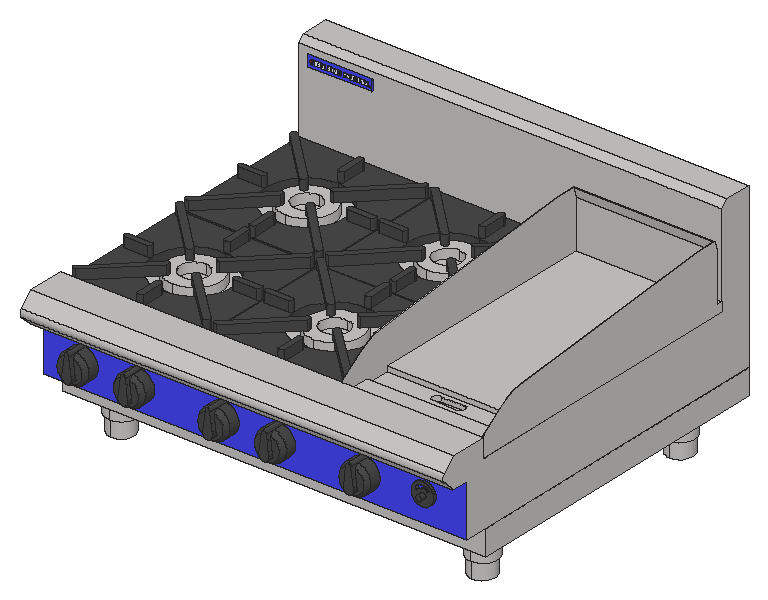
Revit family "QF_MOFFAT_BLUESEAL_CE_G516C-B", category Specialty Equipment, Revit 2012
Parameters
  Width = 900 mm  # constant formula
  Weight in Pounds = 283  # constant formula
  URL Cutsheet = "www.moffat.com"
  URL = "www.moffat.com"
  Type Mark [instance] = ""
  Status [instance] = ""
  Specification by User [instance] = ""
  Specification by Manufacturer = ""
  Show Logo [instance] = yes
  Serial Number = ""
  Seismic Rating = ""
  SMACNA No = ""
  Revision Code [instance] = ""
  Omniclass Number and Title = ""
  NAFEM Spec ID Number = ""
  Model = "G516C-B"
  Mechanical Remarks [instance] = ""
  Mechanical Connection Type [instance] = ""
  Masterspec = ""
  Manufacturer = "MOFFAT BLUESEAL"
  Item Number [instance] = ""
  Installed By [instance] = ""
  Identify Quantity as Lot [instance] = yes
  Height = 485 mm  # constant formula
  Gas Size = 3/4"
  Gas RI Height [instance] = 0 mm
  Gas KW [instance] = 36.6
  Gas Input [instance] = 125111.0 Btu/h
  Gas Connection Height = 0 mm
  Furnished By [instance] = ""
  Foodservice Equipment Identifier [instance] = yes
  Description = "900MM GAS COOK TOP BENCH MOUNT"
  Depth = 812 mm  # constant formula
  CSI MasterFormat = ""
  CSI Master Format = ""
Reference planes
  plane 1 "BACK": y = 0
  plane 2: z = 0
  plane 3 "LEFT": x = 0
  plane 4 "RIGHT": x = 900
  plane 5 "FRONT": y = -812
  plane 6 "TOP": z = 370
  plane 7 "Center Y": x = 450
  plane 8 "Center X": y = -406
  plane 9: z = 485
  plane 10: z = 315
Forms (mm)
  Revolve 1, solid, material "QF_Finishes_Stainless Steel"
    sketch origin (65.5, -728, 0) x (0, 1, 0) y (0, 0, 1)
      loop
        line (71.25, 85) -> (71.25, 35) -> (75.5, 35) -> (75.5, 0) -> (103, 0) -> (103, 85) -> (71.25, 85)
      axis (103, 85) -> (103, 0)
    angle from 0 to 360
  Revolve 2, solid, material "QF_Finishes_Stainless Steel"
    sketch origin (65.5, -210, 0) x (0, 1, 0) y (0, 0, 1)
      loop
        line (78.25, 85) -> (78.25, 35) -> (82.5, 35) -> (82.5, 0) -> (110, 0) -> (110, 85) -> (78.25, 85)
      axis (110, 85) -> (110, 0)
    angle from 0 to 360
  Extrusion 3, solid, material "QF_Finishes_Stainless Steel"
    sketch origin (405, 3, -500) x (1, 0, 0) y (0, 1, 0)
      loop
        circle (365, -35) r 13.5
    from 555 to 585
  Revolve 4, solid, material "QF_Finishes_Black"
    sketch origin (89.999, 7, -0.127) x (0, 1, 0) y (0, 0, -1)
      loop
        line (-789, -229.5) -> (-766, -229.5) -> (-766, -202) -> (-756, -202) -> (-756, -197) -> (-800, -197) -> (-800, -223.651) -> (-789, -229.5)
      axis (-800, -197) -> (-756, -197)
    angle from 0 to 360
  Extrusion 5, solid, material "QF_Finishes_Black"
    sketch origin (228.269, 7, 0.031) x (-1, 0, 0) y (0, 0, -1)
      loop
        line (127.85, -186.163) -> (133.27, -229.082)
        arc (133.27, -229.082) -> (138.269, -233.969) -> (143.267, -229.082) r 5
        line (143.267, -229.082) -> (148.756, -184.996)
        arc (148.756, -184.996) -> (137.684, -174.498) -> (127.85, -186.163) r 10.487
    from 759 to 808
  Extrusion 6, solid, material "QF_Finishes_Stainless Steel"
    sketch origin (0, 0, 0) x (0, 1, 0) y (0, 0, 1)
      loop
        line (-784.97, 250) -> (-749, 250) -> (-749, 140) -> (0, 140) -> (0, 485) -> (-57.5, 485) -> (-70, 472.5) -> (-70, 275) -> (-705, 275) -> (-705, 315) -> (-783.97, 315) -> (-808.498, 290.472)
        arc (-808.498, 290.472) -> (-812.007, 282) -> (-808.498, 273.528) r 11.982
        line (-808.498, 273.528) -> (-784.97, 250)
      loop
        line (0, 85) -> (0, 139.206) -> (-699, 139.206) -> (-699, 85) -> (0, 85)
    from 0 to 900
  Revolve 7, solid, material "QF_Finishes_Black"
    sketch origin (390, 7, -0.127) x (0, 1, 0) y (0, 0, -1)
      loop
        line (-789, -229.5) -> (-766, -229.5) -> (-766, -202) -> (-756, -202) -> (-756, -197) -> (-800, -197) -> (-800, -223.651) -> (-789, -229.5)
      axis (-800, -197) -> (-756, -197)
    angle from 0 to 360
  Extrusion 8, solid, material "QF_Finishes_Black"
    sketch origin (0, -749, 266) x (0, 0, -1) y (1, 0, 0)
      loop
        circle (69, 810) r 23.9
      loop
        arc (61.641, 818.419) -> (62.501, 823.219) -> (57.701, 824.079) r 3.448
        arc (57.701, 824.079) -> (51.116, 809.341) -> (58.919, 795.209) r 18.095
        arc (58.919, 795.209) -> (63.641, 796.491) -> (62.326, 801.204) r 3.448
        arc (62.326, 801.204) -> (58.758, 809.683) -> (61.641, 818.419) r 13.109
    from 0 to 5
  Extrusion 9, solid, material "QF_Finishes_Black"
    sketch origin (0, -754, 266) x (0, 0, -1) y (1, 0, 0)
      loop
        circle (72.5, 810) r 5.75
    from 0 to 10
  Revolve 10, solid, material "QF_Finishes_Stainless Steel"
    sketch origin (834.5, -728, 0) x (0, 1, 0) y (0, 0, -1)
      loop
        line (71.25, -85) -> (103, -85) -> (103, 0) -> (75.5, 0) -> (75.5, -35) -> (71.25, -35) -> (71.25, -85)
      axis (103, -85) -> (103, 0)
    angle from 0 to 360
  Revolve 11, solid, material "QF_Finishes_Stainless Steel"
    sketch origin (834.5, -210, 0) x (0, 1, 0) y (0, 0, -1)
      loop
        line (78.25, -85) -> (110, -85) -> (110, 0) -> (82.5, 0) -> (82.5, -35) -> (78.25, -35) -> (78.25, -85)
      axis (110, -85) -> (110, 0)
    angle from 0 to 360
  Extrusion 12, solid, material "QF_Finishes_Black"
    sketch origin (528.269, 7, 0.031) x (-1, 0, 0) y (0, 0, -1)
      loop
        line (127.85, -186.163) -> (133.27, -229.082)
        arc (133.27, -229.082) -> (138.269, -233.969) -> (143.267, -229.082) r 5
        line (143.267, -229.082) -> (148.756, -184.996)
        arc (148.756, -184.996) -> (137.684, -174.498) -> (127.85, -186.163) r 10.487
    from 759 to 808
  Revolve 13, solid, material "QF_Finishes_Black"
    sketch origin (690, 7, 0) x (0, 1, 0) y (0, 0, -1)
      loop
        line (-789, -229.5) -> (-766, -229.5) -> (-766, -202) -> (-756, -202) -> (-756, -197) -> (-800, -197) -> (-800, -223.651) -> (-789, -229.5)
      axis (-800, -197) -> (-756, -197)
    angle from 0 to 360
  Extrusion 14, solid, material "QF_Finishes_Black"
    sketch origin (828.27, 7, 0.158) x (-1, 0, 0) y (0, 0, -1)
      loop
        line (127.85, -186.163) -> (133.27, -229.082)
        arc (133.27, -229.082) -> (138.269, -233.969) -> (143.267, -229.082) r 5
        line (143.267, -229.082) -> (148.756, -184.996)
        arc (148.756, -184.996) -> (137.684, -174.498) -> (127.85, -186.163) r 10.487
    from 759 to 808
  Revolve 15, solid, material "QF_Finishes_Black"
    sketch origin (210, 7, 0) x (0, 1, 0) y (0, 0, -1)
      loop
        line (-789, -229.5) -> (-766, -229.5) -> (-766, -202) -> (-756, -202) -> (-756, -197) -> (-800, -197) -> (-800, -223.651) -> (-789, -229.5)
      axis (-800, -197) -> (-756, -197)
    angle from 0 to 360
  Extrusion 16, solid, material "QF_Finishes_Black"
    sketch origin (348.27, 7, 0.158) x (-1, 0, 0) y (0, 0, -1)
      loop
        line (127.85, -186.163) -> (133.27, -229.082)
        arc (133.27, -229.082) -> (138.269, -233.969) -> (143.267, -229.082) r 5
        line (143.267, -229.082) -> (148.756, -184.996)
        arc (148.756, -184.996) -> (137.684, -174.498) -> (127.85, -186.163) r 10.487
    from 759 to 808
  Revolve 17, solid, material "QF_Finishes_Black"
    sketch origin (510.001, 7, 0) x (0, 1, 0) y (0, 0, -1)
      loop
        line (-789, -229.5) -> (-766, -229.5) -> (-766, -202) -> (-756, -202) -> (-756, -197) -> (-800, -197) -> (-800, -223.651) -> (-789, -229.5)
      axis (-800, -197) -> (-756, -197)
    angle from 0 to 360
  Extrusion 18, solid, material "QF_Finishes_Black"
    sketch origin (648.27, 7, 0.158) x (-1, 0, 0) y (0, 0, -1)
      loop
        line (127.85, -186.163) -> (133.27, -229.082)
        arc (133.27, -229.082) -> (138.269, -233.969) -> (143.267, -229.082) r 5
        line (143.267, -229.082) -> (148.756, -184.996)
        arc (148.756, -184.996) -> (137.684, -174.498) -> (127.85, -186.163) r 10.487
    from 759 to 808
Lines and regions (mm)
  Split face 1
    outline origin (0, 0, 485) x (0, -1, 0) y (1, 0, 0)
      loop
        arc (18.185, 32.794) -> (23.185, 24.134) -> (33.185, 24.134) r 10
        line (33.185, 24.134) -> (40.185, 28.176)
        arc (40.185, 28.176) -> (43.845, 31.836) -> (45.185, 36.836) r 10
        line (45.185, 36.836) -> (45.185, 264.794)
        arc (45.185, 264.794) -> (40.185, 273.455) -> (30.185, 273.455) r 10
        line (30.185, 273.455) -> (23.185, 269.413)
        arc (23.185, 269.413) -> (19.525, 265.753) -> (18.185, 260.753) r 10
        line (18.185, 260.753) -> (18.185, 32.794)
  Split face 2
    outline origin (0, 0, 485) x (0, -1, 0) y (1, 0, 0)
      loop
        arc (18.185, 332.794) -> (23.185, 324.134) -> (33.185, 324.134) r 10
        line (33.185, 324.134) -> (40.185, 328.176)
        arc (40.185, 328.176) -> (43.845, 331.836) -> (45.185, 336.836) r 10
        line (45.185, 336.836) -> (45.185, 564.794)
        arc (45.185, 564.794) -> (40.185, 573.455) -> (30.185, 573.455) r 10
        line (30.185, 573.455) -> (23.185, 569.413)
        arc (23.185, 569.413) -> (19.525, 565.753) -> (18.185, 560.753) r 10
        line (18.185, 560.753) -> (18.185, 332.794)
  Split face 3
    outline origin (0, 0, 485) x (0, -1, 0) y (1, 0, 0)
      loop
        arc (45.185, 864.794) -> (40.185, 873.455) -> (30.185, 873.455) r 10
        line (30.185, 873.455) -> (23.185, 869.413)
        arc (23.185, 869.413) -> (19.525, 865.753) -> (18.185, 860.753) r 10
        line (18.185, 860.753) -> (18.185, 632.794)
        arc (18.185, 632.794) -> (23.185, 624.134) -> (33.185, 624.134) r 10
        line (33.185, 624.134) -> (40.185, 628.176)
        arc (40.185, 628.176) -> (43.845, 631.836) -> (45.185, 636.836) r 10
        line (45.185, 636.836) -> (45.185, 864.794)
  symbolic lines
    curve 1: line (0, 0, 0) -> (0, -812, 0)
    curve 2: line (900, 0, 0) -> (0, 0, 0)
    curve 3: line (900, -812, 0) -> (900, 0, 0)
    curve 4: line (0, -70, 0) -> (900, -70, 0)
    curve 5: line (0, -812, 0) -> (900, -812, 0)
    curve 6: line (900, -705, 0) -> (0, -705, 0)
    curve 7: line (0, -783.97, 0) -> (900, -783.97, 0)
    curve 8: line (36.836, -45.185, 0) -> (264.794, -45.185, 0)
    curve 9: arc (264.794, -45.185, 0) -> (273.455, -40.185, 0) -> (273.455, -30.185, 0) r 10
    curve 10: line (273.455, -30.185, 0) -> (269.413, -23.185, 0)
    curve 11: arc (269.413, -23.185, 0) -> (265.753, -19.525, 0) -> (260.753, -18.185, 0) r 10
    curve 12: line (260.753, -18.185, 0) -> (32.794, -18.185, 0)
    curve 13: arc (32.794, -18.185, 0) -> (24.134, -23.185, 0) -> (24.134, -33.185, 0) r 10
    curve 14: line (24.134, -33.185, 0) -> (28.176, -40.185, 0)
    curve 15: arc (28.176, -40.185, 0) -> (31.836, -43.845, 0) -> (36.836, -45.185, 0) r 10
    curve 16: line (336.836, -45.185, 0) -> (564.794, -45.185, 0)
    curve 17: arc (564.794, -45.185, 0) -> (573.455, -40.185, 0) -> (573.455, -30.185, 0) r 10
    curve 18: line (573.455, -30.185, 0) -> (569.413, -23.185, 0)
    curve 19: arc (569.413, -23.185, 0) -> (565.753, -19.525, 0) -> (560.753, -18.185, 0) r 10
    curve 20: line (560.753, -18.185, 0) -> (332.794, -18.185, 0)
    curve 21: arc (332.794, -18.185, 0) -> (324.134, -23.185, 0) -> (324.134, -33.185, 0) r 10
    curve 22: line (324.134, -33.185, 0) -> (328.176, -40.185, 0)
    curve 23: arc (328.176, -40.185, 0) -> (331.836, -43.845, 0) -> (336.836, -45.185, 0) r 10
    curve 24: line (864.794, -45.185, 0) -> (636.836, -45.185, 0)
    curve 25: arc (636.836, -45.185, 0) -> (631.836, -43.845, 0) -> (628.176, -40.185, 0) r 10
    curve 26: line (628.176, -40.185, 0) -> (624.134, -33.185, 0)
    curve 27: arc (624.134, -33.185, 0) -> (624.134, -23.185, 0) -> (632.794, -18.185, 0) r 10
    curve 28: line (632.794, -18.185, 0) -> (860.753, -18.185, 0)
    curve 29: arc (860.753, -18.185, 0) -> (865.753, -19.525, 0) -> (869.413, -23.185, 0) r 10
    curve 30: line (869.413, -23.185, 0) -> (873.455, -30.185, 0)
    curve 31: arc (873.455, -30.185, 0) -> (873.455, -40.185, 0) -> (864.794, -45.185, 0) r 10
    curve 32: line (0, -57.5, 0) -> (900, -57.5, 0)
Dimensions and locks
  equal spacing: plane 3 "LEFT", plane 7 "Center Y", plane 4 "RIGHT"
  "Width": plane 3 "LEFT" to plane 4 "RIGHT"
  equal spacing: plane 5 "FRONT", plane 8 "Center X", plane 1 "BACK"
  "Depth": plane 5 "FRONT" to plane 1 "BACK"
  equal spacing: plane 4 "RIGHT", plane 7 "Center Y", plane 3 "LEFT"
  plane 4 "RIGHT" to plane 3 "LEFT" = 900 mm
  Extrusion 3 to level = 55 mm
  Extrusion 3 to plane 1 "BACK" = 32 mm
  plane 5 "FRONT" to plane 1 "BACK" = 812 mm
  "Height": plane 9 to level
  plane 10 to level = 315 mm
  Extrusion 3 sketch curve to plane 4 "RIGHT" = 130 mm
  Extrusion 3 sketch curve to plane 1 "BACK" = 32 mm
  aligned and locked: level to plane 2
  aligned and locked: curve 3 to plane 4 "RIGHT"
Automatic sketch dimensions
  plane 1 "BACK" to curve 1 = 0 mm
  curve 1 to plane 3 "LEFT" = 0 mm
  plane 5 "FRONT" to curve 1 = 0 mm
  plane 3 "LEFT" to curve 14 = 24.134 mm
  curve 13 to curve 14 = 4.041 mm
  curve 13 to curve 13 = 8.66 mm
  curve 15 to curve 8 = 8.66 mm
  plane 1 "BACK" to curve 12 = 18.185 mm
  curve 12 to plane 7 "Center Y" = 189.247 mm
  curve 11 to curve 9 = 4.041 mm
  plane 1 "BACK" to curve 10 = 23.185 mm
  curve 11 to curve 10 = 8.66 mm
  plane 1 "BACK" to curve 10 = 30.185 mm
  curve 10 to curve 10 = 4.041 mm
  plane 1 "BACK" to curve 22 = 33.185 mm
  curve 10 to curve 22 = 50.679 mm
  curve 21 to curve 23 = 4.041 mm  (x2)
  curve 21 to curve 21 = 8.66 mm
  plane 1 "BACK" to curve 20 = 18.185 mm
  plane 7 "Center Y" to curve 20 = 110.753 mm
  curve 19 to curve 17 = 4.041 mm  (x2)
  curve 19 to curve 19 = 8.66 mm
  plane 1 "BACK" to curve 26 = 33.185 mm
  curve 18 to curve 26 = 50.679 mm
  plane 1 "BACK" to curve 26 = 40.185 mm
  curve 27 to curve 26 = 4.041 mm
  curve 27 to curve 27 = 8.66 mm
  curve 27 to curve 25 = 4.041 mm
  plane 4 "RIGHT" to curve 29 = 39.247 mm
  curve 29 to curve 31 = 4.041 mm
  curve 28 to curve 30 = 8.66 mm
  curve 29 to curve 30 = 4.041 mm
  curve 7 to plane 5 "FRONT" = 28.03 mm
  curve 7 to curve 6 = 78.97 mm
  plane 1 "BACK" to curve 4 = 70 mm
  curve 4 to curve 32 = 12.5 mm
  curve 32 to curve 31 = 12.315 mm
  curve 8 to curve 12 = 27 mm
  curve 16 to curve 21 = 17 mm
  curve 22 to curve 21 = 7 mm
  curve 8 to curve 15 = 5 mm
  curve 16 to curve 17 = 10 mm
  curve 24 to curve 31 = 10 mm
  curve 14 to curve 13 = 7 mm
  curve 25 to curve 27 = 7 mm
  curve 31 to curve 29 = 7 mm
  curve 17 to curve 19 = 7 mm
  Revolve 1 sketch curve to level = 0 mm
  level to Revolve 1 sketch curve = 35 mm
  Revolve 1 sketch curve to plane 5 "FRONT" = 155.25 mm
  Revolve 1 sketch curve to Revolve 1 sketch curve = 4.25 mm
  Revolve 1 sketch curve to Revolve 1 sketch curve = 27.5 mm  (x2)
  Revolve 1 sketch curve to Revolve 1 sketch curve = 55 mm
  Revolve 1 sketch curve to Revolve 1 sketch curve = 15 mm
  Revolve 1 sketch curve to Revolve 1 sketch curve = 35 mm
  Revolve 2 sketch curve to level = 0 mm
  level to Revolve 2 sketch curve = 35 mm
  plane 1 "BACK" to Revolve 2 sketch curve = 131.75 mm
  Revolve 2 sketch curve to Revolve 2 sketch curve = 4.25 mm
  Revolve 2 sketch curve to Revolve 2 sketch curve = 27.5 mm  (x2)
  Revolve 2 sketch curve to Revolve 2 sketch curve = 55 mm
  Revolve 2 sketch curve to Revolve 2 sketch curve = 15 mm
  Revolve 2 sketch curve to Revolve 2 sketch curve = 35 mm
  Revolve 4 sketch curve to plane 5 "FRONT" = 19 mm
  Revolve 4 sketch curve to Revolve 4 sketch curve = 0 mm  (x2)
  Revolve 4 sketch curve to Revolve 4 sketch curve = 11 mm
  Revolve 4 sketch curve to Revolve 4 sketch curve = 12.7 mm
  Revolve 4 sketch curve to Revolve 4 sketch curve = 23 mm
  Revolve 4 sketch curve to Revolve 4 sketch curve = 10 mm
  Revolve 4 sketch curve to plane 10 = 85.627 mm
  Revolve 4 sketch curve to Revolve 4 sketch curve = 5.849 mm
  Revolve 4 sketch curve to Revolve 4 sketch curve = 27.5 mm
  Revolve 4 sketch curve to Revolve 4 sketch curve = 5 mm
  plane 3 "LEFT" to Extrusion 5 sketch curve = 100.419 mm
  Extrusion 5 sketch curve to Extrusion 5 sketch curve = 5.421 mm
  Extrusion 5 sketch curve to Extrusion 5 sketch curve = 10.419 mm
  Extrusion 5 sketch curve to Extrusion 5 sketch curve = 4.999 mm  (x2)
  Extrusion 5 sketch curve to Extrusion 5 sketch curve = 10.487 mm
  Extrusion 5 sketch curve to plane 10 = 85.887 mm
  Extrusion 5 sketch curve to Extrusion 5 sketch curve = 0.113 mm
  Extrusion 5 sketch curve to Extrusion 5 sketch curve = 42.919 mm
  Extrusion 5 sketch curve to Extrusion 5 sketch curve = 1.167 mm
  Extrusion 6 sketch curve to plane 10 = 0 mm
  plane 9 to Extrusion 6 sketch curve = 0 mm
  Extrusion 6 sketch curve to plane 1 "BACK" = 0 mm  (x2)
  plane 1 "BACK" to Extrusion 6 sketch curve = 57.5 mm
  plane 9 to Extrusion 6 sketch curve = 12.5 mm
  Extrusion 6 sketch curve to Extrusion 6 sketch curve = 12.5 mm
  Extrusion 6 sketch curve to plane 5 "FRONT" = 113 mm
  Extrusion 6 sketch curve to plane 5 "FRONT" = 107 mm
  Extrusion 6 sketch curve to Extrusion 6 sketch curve = 50 mm
  Extrusion 6 sketch curve to plane 5 "FRONT" = 28.03 mm
  Extrusion 6 sketch curve to plane 5 "FRONT" = 27.03 mm
  Extrusion 6 sketch curve to plane 5 "FRONT" = 11.975 mm
  Extrusion 6 sketch curve to plane 5 "FRONT" = 3.502 mm  (x2)
  Extrusion 6 sketch curve to plane 10 = 24.528 mm
  Extrusion 6 sketch curve to Extrusion 6 sketch curve = 8.472 mm
  Extrusion 6 sketch curve to Extrusion 6 sketch curve = 40 mm
  Extrusion 6 sketch curve to Extrusion 6 sketch curve = 23.528 mm
  Extrusion 6 sketch curve to Extrusion 6 sketch curve = 110 mm
  Extrusion 6 sketch curve to Extrusion 6 sketch curve = 0.794 mm
  Extrusion 6 sketch curve to Extrusion 6 sketch curve = 54.206 mm
  Revolve 7 sketch curve to plane 5 "FRONT" = 19 mm
  Revolve 7 sketch curve to Revolve 7 sketch curve = 0 mm  (x2)
  Revolve 7 sketch curve to Revolve 7 sketch curve = 11 mm
  Revolve 7 sketch curve to Revolve 7 sketch curve = 12.7 mm
  Revolve 7 sketch curve to Revolve 7 sketch curve = 23 mm
  Revolve 7 sketch curve to Revolve 7 sketch curve = 10 mm
  Revolve 7 sketch curve to plane 10 = 85.627 mm
  Revolve 7 sketch curve to Revolve 7 sketch curve = 5.849 mm
  Revolve 7 sketch curve to Revolve 7 sketch curve = 27.5 mm
  Revolve 7 sketch curve to Revolve 7 sketch curve = 5 mm
  Extrusion 6 to Extrusion 8 sketch curve = 41.701 mm
  Extrusion 8 sketch curve to Extrusion 8 sketch curve = 1.218 mm
  Extrusion 8 sketch curve to Extrusion 8 sketch curve = 1.97 mm  (x2)
  Extrusion 8 sketch curve to Extrusion 8 sketch curve = 1.724 mm
  Extrusion 8 sketch curve to Extrusion 8 sketch curve = 1.683 mm
  Extrusion 8 sketch curve to Extrusion 8 sketch curve = 6.674 mm
  Extrusion 8 sketch curve to Extrusion 8 sketch curve = 0.195 mm
  Extrusion 8 sketch curve to Extrusion 8 sketch curve = 2.662 mm
  Extrusion 6 to Extrusion 8 sketch curve = 104.791 mm
  Extrusion 8 sketch curve to Extrusion 8 sketch curve = 2.986 mm
  Extrusion 8 sketch curve to Extrusion 8 sketch curve = 8.796 mm
  Extrusion 8 sketch curve to Extrusion 8 sketch curve = 0.103 mm
  Extrusion 8 sketch curve to Extrusion 8 sketch curve = 0.102 mm
  Revolve 10 sketch curve to level = 0 mm
  level to Revolve 10 sketch curve = 35 mm
  Revolve 10 sketch curve to plane 5 "FRONT" = 155.25 mm
  Revolve 10 sketch curve to Revolve 10 sketch curve = 4.25 mm
  Revolve 10 sketch curve to Revolve 10 sketch curve = 27.5 mm  (x2)
  Revolve 10 sketch curve to Revolve 10 sketch curve = 15 mm
  Revolve 10 sketch curve to Revolve 10 sketch curve = 35 mm
  Revolve 10 sketch curve to level = 55 mm
  Revolve 11 sketch curve to level = 0 mm
  level to Revolve 11 sketch curve = 35 mm
  plane 1 "BACK" to Revolve 11 sketch curve = 131.75 mm
  Revolve 11 sketch curve to Revolve 11 sketch curve = 4.25 mm
  Revolve 11 sketch curve to Revolve 11 sketch curve = 27.5 mm  (x2)
  Revolve 11 sketch curve to Revolve 11 sketch curve = 15 mm
  Revolve 11 sketch curve to Revolve 11 sketch curve = 35 mm
  Revolve 11 sketch curve to level = 55 mm
  Extrusion 12 sketch curve to plane 7 "Center Y" = 49.58 mm
  Extrusion 12 sketch curve to Extrusion 12 sketch curve = 5.421 mm
  Extrusion 12 sketch curve to Extrusion 12 sketch curve = 10.419 mm
  Extrusion 12 sketch curve to Extrusion 12 sketch curve = 4.999 mm  (x2)
  Extrusion 12 sketch curve to Extrusion 12 sketch curve = 10.487 mm
  Extrusion 12 sketch curve to plane 10 = 85.887 mm
  Extrusion 12 sketch curve to Extrusion 12 sketch curve = 0.113 mm
  Extrusion 12 sketch curve to Extrusion 12 sketch curve = 42.919 mm
  Extrusion 12 sketch curve to Extrusion 12 sketch curve = 1.167 mm
  Revolve 13 sketch curve to plane 5 "FRONT" = 19 mm
  Revolve 13 sketch curve to Revolve 13 sketch curve = 0 mm  (x2)
  Revolve 13 sketch curve to Revolve 13 sketch curve = 11 mm
  Revolve 13 sketch curve to Revolve 13 sketch curve = 12.7 mm
  Revolve 13 sketch curve to Revolve 13 sketch curve = 23 mm
  Revolve 13 sketch curve to Revolve 13 sketch curve = 10 mm
  Revolve 13 sketch curve to plane 10 = 85.5 mm
  Revolve 13 sketch curve to Revolve 13 sketch curve = 5.849 mm
  Revolve 13 sketch curve to Revolve 13 sketch curve = 27.5 mm
  Revolve 13 sketch curve to Revolve 13 sketch curve = 5 mm
  plane 4 "RIGHT" to Extrusion 14 sketch curve = 199.58 mm
  Extrusion 14 sketch curve to Extrusion 14 sketch curve = 5.421 mm
  Extrusion 14 sketch curve to Extrusion 14 sketch curve = 10.419 mm
  Extrusion 14 sketch curve to Extrusion 14 sketch curve = 4.999 mm  (x2)
  Extrusion 14 sketch curve to plane 10 = 85.76 mm
  Extrusion 14 sketch curve to Extrusion 14 sketch curve = 10.487 mm
  Extrusion 14 sketch curve to Extrusion 14 sketch curve = 0.113 mm
  Extrusion 14 sketch curve to Extrusion 14 sketch curve = 42.919 mm
  Extrusion 14 sketch curve to Extrusion 14 sketch curve = 1.167 mm
  Split face 1 sketch curve to Extrusion 6 = 18.185 mm
  Split face 1 sketch curve to Split face 1 sketch curve = 5 mm  (x3)
  Split face 1 sketch curve to Split face 1 sketch curve = 10 mm  (x2)
  Split face 1 sketch curve to Split face 1 sketch curve = 7 mm  (x4)
  Split face 1 sketch curve to Extrusion 6 = 24.134 mm
  Split face 1 sketch curve to Split face 1 sketch curve = 4.041 mm  (x2)
  Split face 1 sketch curve to Split face 1 sketch curve = 223.917 mm
  Split face 2 sketch curve to Extrusion 6 = 18.185 mm
  Split face 2 sketch curve to Split face 2 sketch curve = 5 mm  (x4)
  Split face 2 sketch curve to Split face 2 sketch curve = 10 mm
  Split face 2 sketch curve to Split face 2 sketch curve = 7 mm  (x4)
  Split face 2 sketch curve to Extrusion 6 = 324.134 mm
  Split face 2 sketch curve to Split face 2 sketch curve = 4.041 mm  (x2)
  Split face 2 sketch curve to Split face 2 sketch curve = 223.917 mm
  Split face 3 sketch curve to Extrusion 6 = 18.185 mm
  Split face 3 sketch curve to Split face 3 sketch curve = 5 mm  (x3)
  Split face 3 sketch curve to Split face 3 sketch curve = 10 mm  (x2)
  Split face 3 sketch curve to Split face 3 sketch curve = 7 mm  (x4)
  Split face 3 sketch curve to Extrusion 6 = 275.866 mm
  Split face 3 sketch curve to Split face 3 sketch curve = 4.041 mm  (x2)
  Split face 3 sketch curve to Extrusion 6 = 39.247 mm
  Revolve 15 sketch curve to plane 5 "FRONT" = 19 mm
  Revolve 15 sketch curve to Revolve 15 sketch curve = 0 mm  (x2)
  Revolve 15 sketch curve to Revolve 15 sketch curve = 11 mm
  Revolve 15 sketch curve to Revolve 15 sketch curve = 12.7 mm
  Revolve 15 sketch curve to Revolve 15 sketch curve = 23 mm
  Revolve 15 sketch curve to Revolve 15 sketch curve = 10 mm
  Revolve 15 sketch curve to plane 10 = 85.5 mm
  Revolve 15 sketch curve to Revolve 15 sketch curve = 5.849 mm
  Revolve 15 sketch curve to Revolve 15 sketch curve = 27.5 mm
  Revolve 15 sketch curve to Revolve 15 sketch curve = 5 mm
  plane 3 "LEFT" to Extrusion 16 sketch curve = 220.42 mm
  Extrusion 16 sketch curve to Extrusion 16 sketch curve = 5.421 mm
  Extrusion 16 sketch curve to Extrusion 16 sketch curve = 10.419 mm
  Extrusion 16 sketch curve to Extrusion 16 sketch curve = 4.999 mm  (x2)
  Extrusion 16 sketch curve to plane 10 = 85.76 mm
  Extrusion 16 sketch curve to Extrusion 16 sketch curve = 10.487 mm
  Extrusion 16 sketch curve to Extrusion 16 sketch curve = 0.113 mm
  Extrusion 16 sketch curve to Extrusion 16 sketch curve = 42.919 mm
  Extrusion 16 sketch curve to Extrusion 16 sketch curve = 1.167 mm
  Revolve 17 sketch curve to plane 5 "FRONT" = 19 mm
  Revolve 17 sketch curve to Revolve 17 sketch curve = 0 mm  (x2)
  Revolve 17 sketch curve to Revolve 17 sketch curve = 11 mm
  Revolve 17 sketch curve to Revolve 17 sketch curve = 12.7 mm
  Revolve 17 sketch curve to Revolve 17 sketch curve = 23 mm
  Revolve 17 sketch curve to Revolve 17 sketch curve = 10 mm
  Revolve 17 sketch curve to plane 10 = 85.5 mm
  Revolve 17 sketch curve to Revolve 17 sketch curve = 5.849 mm
  Revolve 17 sketch curve to Revolve 17 sketch curve = 27.5 mm
  Revolve 17 sketch curve to Revolve 17 sketch curve = 5 mm
  plane 7 "Center Y" to Extrusion 18 sketch curve = 70.421 mm
  Extrusion 18 sketch curve to Extrusion 18 sketch curve = 5.421 mm
  Extrusion 18 sketch curve to Extrusion 18 sketch curve = 10.419 mm
  Extrusion 18 sketch curve to Extrusion 18 sketch curve = 4.999 mm  (x2)
  Extrusion 18 sketch curve to Extrusion 18 sketch curve = 10.487 mm
  Extrusion 18 sketch curve to plane 10 = 85.76 mm
  Extrusion 18 sketch curve to Extrusion 18 sketch curve = 0.113 mm
  Extrusion 18 sketch curve to Extrusion 18 sketch curve = 42.919 mm
  Extrusion 18 sketch curve to Extrusion 18 sketch curve = 1.167 mm
  radius of Extrusion 3 sketch curve = 13.5 mm
  radius of Extrusion 8 sketch curve = 23.9 mm
  radius of Extrusion 9 sketch curve = 5.75 mm
Nested families
  nested 1: "WALDORF LOGO_FACE BASE" at (18.6, -70, 458.604) x (1, 0, 0) z (0, -1, 0), visible <- "Show Logo", type "WALDORF LOGO_FACE BASE", detail levels medium+fine
    with Show Logo yes
  nested 2: "GAS BURNER 600 & GRIDDLE 300" at (0, -70, 275.195), type "GAS BURNER 600 & GRIDDLE 300"
    with Width 900 mm, Type Mark "", Status "", Specification by User "", Revision Code "", Item Number "", Installed By "", Identify Quantity as Lot yes, Furnished By "", Foodservice Equipment Identifier yes, Depth 635 mm
Connectors
  piping at (770, -32, 55)
    settings: on Extrusion 3, index 1, connector radius 0.37402", flow factor 0, pipe flow 0 GPM, pressure drop 0.00 psi, fitting loss kfactor 0, connector angle 0.00°, fixture units 0, engagement length 0 mm, flow configuration 1, flow direction 1, fitting loss method 0, system type 7, joint type 0, gender type 0, connector reference index -1, connector utility 0, adjustable connector no, is connector primary yes, fitting loss table "", connector description "GAS CONNECTION"
Definition of nested family "WALDORF LOGO_FACE BASE"
  Parameters (values of type "WALDORF LOGO_FACE BASE")
    Show Logo [instance] = yes
    Default Elevation = 1219.2 mm
  Reference planes
    plane 1 "Center (Front/Back)": y = 0
    plane 2: z = 0
    plane 3 "Center (Left/Right)": x = 0
  Forms (mm)
    Extrusion 1, solid
      sketch origin (0, 0, 0) x (1, 0, 0) y (0, 1, 0)
        loop
          line (-1219.2, 1219.2) -> (-1219.2, -1219.2) -> (1219.2, -1219.2) -> (1219.2, 1219.2) -> (-1219.2, 1219.2)
      from 0 to -304.8
    Extrusion 2, solid, material "QF_Finishes_Blue", visible <- "Show Logo"
      sketch origin (0, -33.217, 0) x (1, 0, 0) y (0, 1, 0)
        loop
          arc (138, 31.942) -> (137.626, 32.844) -> (136.724, 33.217) r 1.276
          line (136.724, 33.217) -> (1.29, 33.217)
          arc (1.29, 33.217) -> (0.378, 32.839) -> (0, 31.927) r 1.29
          line (0, 31.927) -> (0, 11.507)
          arc (0, 11.507) -> (0.378, 10.595) -> (1.29, 10.217) r 1.29
          line (1.29, 10.217) -> (136.71, 10.217)
          arc (136.71, 10.217) -> (137.622, 10.595) -> (138, 11.507) r 1.29
          line (138, 11.507) -> (138, 31.942)
      from 0 to 1.588
    Extrusion 3, solid, material "QF_Finishes_White", visible <- "Show Logo"
      sketch origin (0, -33.217, 1.588) x (1, 0, 0) y (0, 1, 0)
        loop
          arc (108.946, 25.919) -> (107.613, 25.367) -> (107.061, 24.034) r 1.885
          line (107.061, 24.034) -> (107.061, 17.211) -> (112.704, 17.211) -> (112.704, 19.129) -> (115.546, 19.129) -> (115.546, 17.211) -> (121.584, 17.211) -> (121.584, 24.075)
          arc (121.584, 24.075) -> (121.043, 25.379) -> (119.739, 25.919) r 1.845
          line (119.739, 25.919) -> (108.946, 25.919)
        loop
          line (123.478, 25.919) -> (123.478, 17.163) -> (134.904, 17.163) -> (134.904, 19.129) -> (129.246, 19.129) -> (129.246, 25.919) -> (123.478, 25.919)
        loop
          line (112.704, 21.258) -> (115.546, 21.258) -> (115.546, 22.702)
          arc (115.546, 22.702) -> (115.344, 23.188) -> (114.858, 23.389) r 0.687
          line (114.858, 23.389) -> (113.363, 23.389)
          arc (113.363, 23.389) -> (112.897, 23.196) -> (112.704, 22.73) r 0.658
          line (112.704, 22.73) -> (112.704, 21.258)
        loop
          line (105.071, 25.919) -> (93.771, 25.919) -> (93.771, 17.163) -> (105.071, 17.163) -> (105.071, 19.063) -> (99.535, 19.063) -> (99.535, 20.437) -> (105.071, 20.437) -> (105.071, 22.278) -> (99.535, 22.278) -> (99.535, 23.587) -> (105.071, 23.587) -> (105.071, 25.919)
        loop
          line (91.104, 25.919) -> (79.541, 25.919)
          arc (79.541, 25.919) -> (78.558, 25.513) -> (78.152, 24.53) r 1.389
          line (78.152, 24.53) -> (78.152, 22.08)
          arc (78.152, 22.08) -> (78.558, 21.098) -> (79.541, 20.691) r 1.389
          line (79.541, 20.691) -> (86.346, 20.691) -> (86.346, 18.864) -> (83.266, 18.864) -> (83.266, 19.664) -> (78.152, 19.664) -> (78.152, 18.553)
          arc (78.152, 18.553) -> (78.558, 17.57) -> (79.541, 17.163) r 1.389
          line (79.541, 17.163) -> (91.063, 17.163)
          arc (91.063, 17.163) -> (92.045, 17.57) -> (92.452, 18.553) r 1.389
          line (92.452, 18.553) -> (92.452, 20.691)
          arc (92.452, 20.691) -> (92.045, 21.673) -> (91.063, 22.08) r 1.389
          line (91.063, 22.08) -> (83.266, 22.08) -> (83.266, 23.984) -> (86.346, 23.984) -> (86.346, 22.743) -> (92.452, 22.743) -> (92.452, 24.571)
          arc (92.452, 24.571) -> (92.057, 25.524) -> (91.104, 25.919) r 1.348
        loop
          line (70.705, 25.919) -> (59.405, 25.919) -> (59.405, 17.163) -> (70.705, 17.163) -> (70.705, 19.063) -> (65.169, 19.063) -> (65.169, 20.437) -> (70.705, 20.437) -> (70.705, 22.278) -> (65.169, 22.278) -> (65.169, 23.587) -> (70.705, 23.587) -> (70.705, 25.919)
        loop
          line (57.598, 25.919) -> (51.7, 25.919) -> (51.7, 20.18)
          arc (51.7, 20.18) -> (50.63, 19.11) -> (49.56, 20.18) r 1.07
          line (49.56, 20.18) -> (49.56, 25.919) -> (43.663, 25.919) -> (43.663, 19.049)
          arc (43.663, 19.049) -> (44.215, 17.716) -> (45.548, 17.163) r 1.885
          line (45.548, 17.163) -> (55.71, 17.163)
          arc (55.71, 17.163) -> (57.045, 17.716) -> (57.598, 19.051) r 1.887
          line (57.598, 19.051) -> (57.598, 25.919)
        loop
          line (31.62, 25.919) -> (31.62, 17.163) -> (43.046, 17.163) -> (43.046, 19.129) -> (37.388, 19.129) -> (37.388, 25.919) -> (31.62, 25.919)
        loop
          line (15.969, 25.919) -> (15.969, 17.163) -> (28.693, 17.163)
          arc (28.693, 17.163) -> (29.812, 17.627) -> (30.276, 18.746) r 1.582
          line (30.276, 18.746) -> (30.276, 20.447) -> (29.48, 21.243) -> (30.276, 22.039) -> (30.276, 24.332)
          arc (30.276, 24.332) -> (29.811, 25.454) -> (28.688, 25.919) r 1.587
          line (28.688, 25.919) -> (15.969, 25.919)
        loop
          line (21.449, 24.159) -> (21.449, 22.436) -> (23.862, 22.436)
          arc (23.862, 22.436) -> (24.723, 23.298) -> (23.862, 24.159) r 0.861
          line (23.862, 24.159) -> (21.449, 24.159)
        loop
          line (21.449, 20.244) -> (21.449, 18.522) -> (23.862, 18.522)
          arc (23.862, 18.522) -> (24.723, 19.383) -> (23.862, 20.244) r 0.861
          line (23.862, 20.244) -> (21.449, 20.244)
      from 0 to 0.2
    Extrusion 4, solid, material "QF_Finishes_Blue", visible <- "Show Logo"
      sketch origin (-126.498, -31.09, 1.588) x (1, 0, 0) y (0, 1, 0)
        loop
          line (136.738, 23.522) -> (136.738, 15.1)
          arc (136.738, 15.1) -> (140.756, 19.311) -> (136.738, 23.522) r 4.216
      from 0 to 0.2
    Extrusion 5, solid, material "QF_Finishes_Red", visible <- "Show Logo"
      sketch origin (146.849, -31.09, 1.588) x (-1, 0, 0) y (0, -1, 0)
        loop
          arc (136.738, -23.522) -> (140.756, -19.311) -> (136.738, -15.1) r 4.216
          line (136.738, -15.1) -> (136.738, -23.522)
      from 0 to 0.2
  Lines and regions (mm)
    Split face 1
      outline origin (-90.35, -30.793, 1.588) x (1, 0, 0) y (0, 1, 0)
        loop
          circle (100.54, 19.013) r 4.536
  Dimensions and locks
    aligned and locked: plane 2 to Extrusion 1
    aligned and locked: level to Extrusion 1
Definition of nested family "GAS BURNER 600 & GRIDDLE 300"
  Parameters (values of type "GAS BURNER 600 & GRIDDLE 300")
    Width [instance] = 900 mm
    Weight in Pounds = 0
    URL Cutsheet = ""
    Type Mark [instance] = ""
    Status [instance] = ""
    Specification by User [instance] = ""
    Specification by Manufacturer = ""
    Serial Number = ""
    Seismic Rating = ""
    SMACNA No = ""
    Revision Code [instance] = ""
    Omniclass Number and Title = ""
    NAFEM Spec ID Number = ""
    Masterspec = ""
    Item Number [instance] = ""
    Installed By [instance] = ""
    Identify Quantity as Lot [instance] = yes
    Furnished By [instance] = ""
    Foodservice Equipment Identifier [instance] = yes
    Depth [instance] = 635 mm
    CSI MasterFormat = ""
    CSI Master Format = ""
  Reference planes
    plane 1 "BACK": y = 0
    plane 2: z = 0
    plane 3 "LEFT": x = 0
    plane 4 "RIGHT": x = 900
    plane 5 "FRONT": y = -635
    plane 6 "TOP": z = 142.5
    plane 7 "Center Y": x = 450
    plane 8 "Center X": y = -317.5
  Dimensions and locks
    equal spacing: plane 3 "LEFT", plane 7 "Center Y", plane 4 "RIGHT"
    "Width": plane 3 "LEFT" to plane 4 "RIGHT"
    equal spacing: plane 5 "FRONT", plane 8 "Center X", plane 1 "BACK"
    "Depth": plane 5 "FRONT" to plane 1 "BACK"
    aligned and locked: level to plane 2
  Nested families
    nested 1: "GAS BURNER 600" at (0, 0, 0), type "GAS BURNER 600"
      with Width 600 mm, Type Mark "", Status "", Specification by User "", Revision Code "", Item Number "", Installed By "", Identify Quantity as Lot yes, Furnished By "", Foodservice Equipment Identifier yes, Depth 635 mm
    nested 2: "GAS GRIDDLE PLATE 300" at (600, -15, 0), type "GAS GRIDDLE PLATE 300"
      with Width 300 mm, Type Mark "", Status "", Specification by User "", Revision Code "", Item Number "", Installed By "", Identify Quantity as Lot yes, Furnished By "", Foodservice Equipment Identifier yes, Depth 620 mm
  Definition of nested family "GAS BURNER 600"
    Parameters (values of type "GAS BURNER 600")
      Width [instance] = 600 mm
      Weight in Pounds = 0
      URL Cutsheet = ""
      Type Mark [instance] = ""
      Status [instance] = ""
      Specification by User [instance] = ""
      Specification by Manufacturer = ""
      Serial Number = ""
      Seismic Rating = ""
      SMACNA No = ""
      Revision Code [instance] = ""
      Omniclass Number and Title = ""
      NAFEM Spec ID Number = ""
      Masterspec = ""
      Item Number [instance] = ""
      Installed By [instance] = ""
      Identify Quantity as Lot [instance] = yes
      Furnished By [instance] = ""
      Foodservice Equipment Identifier [instance] = yes
      Depth [instance] = 635 mm
      CSI MasterFormat = ""
      CSI Master Format = ""
    Reference planes
      plane 1 "BACK": y = 0
      plane 2: z = 0
      plane 3 "LEFT": x = 0
      plane 4 "RIGHT": x = 600
      plane 5 "FRONT": y = -635
      plane 6 "TOP": z = 142.5
      plane 7 "Center Y": x = 300
      plane 8 "Center X": y = -317.5
    Forms (mm)
      Extrusion 1, solid, material "QF_Finishes_Black"
        sketch origin (0, 0, 0) x (0, -1, 0) y (1, 0, 0)
          loop
            line (318.5, 4) -> (318.5, 296)
            arc (318.5, 296) -> (317.621, 298.121) -> (315.5, 299) r 3
            line (315.5, 299) -> (3, 299)
            arc (3, 299) -> (0.879, 298.121) -> (0, 296) r 3
            line (0, 296) -> (0, 4)
            arc (0, 4) -> (0.879, 1.879) -> (3, 1) r 3
            line (3, 1) -> (315.5, 1)
            arc (315.5, 1) -> (317.621, 1.879) -> (318.5, 4) r 3
          loop
            line (324.5, 1) -> (632, 1)
            arc (632, 1) -> (634.121, 1.879) -> (635, 4) r 3
            line (635, 4) -> (635, 296)
            arc (635, 296) -> (634.121, 298.121) -> (632, 299) r 3
            line (632, 299) -> (324.5, 299)
            arc (324.5, 299) -> (322.379, 298.121) -> (321.5, 296) r 3
            line (321.5, 296) -> (321.5, 4)
            arc (321.5, 4) -> (322.379, 1.879) -> (324.5, 1) r 3
          loop
            circle (168.5, 149.991) r 84.082
          loop
            circle (468.5, 149.991) r 84.082
        from 0 to 19.5
      Extrusion 2, solid, material "QF_Finishes_Black"
        sketch origin (0, 0, 19.5) x (0, -1, 0) y (1, 0, 0)
          loop
            spline (326.102, 15.153) -> (325.181, 13.924) -> (324.631, 12.47) -> (324.49, 10.89) -> (324.767, 9.292) -> (325.443, 7.786) -> (326.473, 6.473) -> (327.786, 5.443) -> (329.292, 4.767) -> (330.89, 4.49) -> (332.47, 4.631) -> (333.924, 5.181) -> (335.153, 6.102)
            line (335.153, 6.102) -> (443.076, 114.025)
            spline (443.076, 114.025) -> (443.837, 115.095) -> (444.238, 116.399) -> (444.251, 117.851) -> (443.875, 119.35) -> (443.137, 120.795) -> (442.086, 122.086) -> (440.795, 123.137) -> (439.35, 123.875) -> (437.851, 124.251) -> (436.399, 124.238) -> (435.095, 123.837) -> (434.025, 123.076)
            line (434.025, 123.076) -> (326.102, 15.153)
          loop
            spline (328.898, 156.4) -> (327.604, 156.182) -> (326.398, 155.543) -> (325.362, 154.525) -> (324.568, 153.2) -> (324.068, 151.656) -> (323.898, 150) -> (324.068, 148.344) -> (324.568, 146.8) -> (325.362, 145.475) -> (326.398, 144.457) -> (327.604, 143.818) -> (328.898, 143.6)
            line (328.898, 143.6) -> (378.102, 143.6)
            spline (378.102, 143.6) -> (379.396, 143.818) -> (380.602, 144.457) -> (381.638, 145.475) -> (382.432, 146.8) -> (382.932, 148.344) -> (383.102, 150) -> (382.932, 151.656) -> (382.432, 153.2) -> (381.638, 154.525) -> (380.602, 155.543) -> (379.396, 156.182) -> (378.102, 156.4)
            line (378.102, 156.4) -> (328.898, 156.4)
          loop
            spline (335.153, 293.898) -> (334.084, 294.659) -> (332.779, 295.059) -> (331.328, 295.072) -> (329.829, 294.697) -> (328.384, 293.959) -> (327.092, 292.908) -> (326.041, 291.616) -> (325.303, 290.171) -> (324.928, 288.672) -> (324.941, 287.221) -> (325.341, 285.916) -> (326.102, 284.847)
            line (326.102, 284.847) -> (434.025, 176.924)
            spline (434.025, 176.924) -> (435.095, 176.163) -> (436.399, 175.762) -> (437.851, 175.749) -> (439.35, 176.125) -> (440.795, 176.863) -> (442.086, 177.914) -> (443.137, 179.205) -> (443.875, 180.65) -> (444.251, 182.149) -> (444.238, 183.601) -> (443.837, 184.905) -> (443.076, 185.975)
            line (443.076, 185.975) -> (335.153, 293.898)
          loop
            line (463.6, 291.102) -> (463.6, 241.898)
            spline (463.6, 241.898) -> (463.818, 240.604) -> (464.457, 239.398) -> (465.475, 238.362) -> (466.8, 237.568) -> (468.344, 237.068) -> (470, 236.898) -> (471.656, 237.068) -> (473.2, 237.568) -> (474.525, 238.362) -> (475.543, 239.398) -> (476.182, 240.604) -> (476.4, 241.898)
            line (476.4, 241.898) -> (476.4, 291.102)
            spline (476.4, 291.102) -> (476.182, 292.396) -> (475.543, 293.602) -> (474.525, 294.638) -> (473.2, 295.432) -> (471.656, 295.932) -> (470, 296.102) -> (468.344, 295.932) -> (466.8, 295.432) -> (465.475, 294.638) -> (464.457, 293.602) -> (463.818, 292.396) -> (463.6, 291.102)
          loop
            spline (612.398, 284.847) -> (613.159, 285.916) -> (613.559, 287.221) -> (613.572, 288.672) -> (613.197, 290.171) -> (612.459, 291.616) -> (611.408, 292.908) -> (610.116, 293.959) -> (608.671, 294.697) -> (607.172, 295.072) -> (605.721, 295.059) -> (604.416, 294.659) -> (603.347, 293.898)
            line (603.347, 293.898) -> (496.924, 185.975)
            spline (496.924, 185.975) -> (496.163, 184.905) -> (495.762, 183.601) -> (495.749, 182.149) -> (496.125, 180.65) -> (496.863, 179.205) -> (497.914, 177.914) -> (499.205, 176.863) -> (500.65, 176.125) -> (502.149, 175.749) -> (503.601, 175.762) -> (504.905, 176.163) -> (505.975, 176.924)
            line (505.975, 176.924) -> (612.398, 284.847)
          loop
            spline (609.602, 143.6) -> (610.896, 143.818) -> (612.102, 144.457) -> (613.138, 145.475) -> (613.932, 146.8) -> (614.432, 148.344) -> (614.602, 150) -> (614.432, 151.656) -> (613.932, 153.2) -> (613.138, 154.525) -> (612.102, 155.543) -> (610.896, 156.182) -> (609.602, 156.4)
            line (609.602, 156.4) -> (561.898, 156.4)
            spline (561.898, 156.4) -> (560.604, 156.182) -> (559.398, 155.543) -> (558.362, 154.525) -> (557.568, 153.2) -> (557.068, 151.656) -> (556.898, 150) -> (557.068, 148.344) -> (557.568, 146.8) -> (558.362, 145.475) -> (559.398, 144.457) -> (560.604, 143.818) -> (561.898, 143.6)
            line (561.898, 143.6) -> (609.602, 143.6)
          loop
            line (612.398, 15.153) -> (505.975, 123.076)
            spline (505.975, 123.076) -> (504.905, 123.837) -> (503.601, 124.238) -> (502.149, 124.251) -> (500.65, 123.875) -> (499.205, 123.137) -> (497.914, 122.086) -> (496.863, 120.795) -> (496.125, 119.35) -> (495.749, 117.851) -> (495.762, 116.399) -> (496.163, 115.095) -> (496.924, 114.025)
            line (496.924, 114.025) -> (603.347, 6.102)
            spline (603.347, 6.102) -> (604.416, 5.341) -> (605.721, 4.941) -> (607.172, 4.928) -> (608.671, 5.303) -> (610.116, 6.041) -> (611.408, 7.092) -> (612.459, 8.384) -> (613.197, 9.829) -> (613.572, 11.328) -> (613.559, 12.779) -> (613.159, 14.084) -> (612.398, 15.153)
          loop
            line (476.4, 8.898) -> (476.4, 58.102)
            spline (476.4, 58.102) -> (476.182, 59.396) -> (475.543, 60.602) -> (474.525, 61.638) -> (473.2, 62.432) -> (471.656, 62.932) -> (470, 63.102) -> (468.344, 62.932) -> (466.8, 62.432) -> (465.475, 61.638) -> (464.457, 60.602) -> (463.818, 59.396) -> (463.6, 58.102)
            line (463.6, 58.102) -> (463.6, 8.898)
            spline (463.6, 8.898) -> (463.818, 7.604) -> (464.457, 6.398) -> (465.475, 5.362) -> (466.8, 4.568) -> (468.344, 4.068) -> (470, 3.898) -> (471.656, 4.068) -> (473.2, 4.568) -> (474.525, 5.362) -> (475.543, 6.398) -> (476.182, 7.604) -> (476.4, 8.898)
          loop
            spline (22.602, 15.153) -> (21.681, 13.924) -> (21.131, 12.47) -> (20.99, 10.89) -> (21.267, 9.292) -> (21.943, 7.786) -> (22.973, 6.473) -> (24.286, 5.443) -> (25.792, 4.767) -> (27.39, 4.49) -> (28.97, 4.631) -> (30.424, 5.181) -> (31.653, 6.102)
            line (31.653, 6.102) -> (139.576, 114.025)
            spline (139.576, 114.025) -> (140.337, 115.095) -> (140.738, 116.399) -> (140.751, 117.851) -> (140.375, 119.35) -> (139.637, 120.795) -> (138.586, 122.086) -> (137.295, 123.137) -> (135.85, 123.875) -> (134.351, 124.251) -> (132.899, 124.238) -> (131.595, 123.837) -> (130.525, 123.076)
            line (130.525, 123.076) -> (22.602, 15.153)
          loop
            spline (25.398, 156.4) -> (24.104, 156.182) -> (22.898, 155.543) -> (21.862, 154.525) -> (21.068, 153.2) -> (20.568, 151.656) -> (20.398, 150) -> (20.568, 148.344) -> (21.068, 146.8) -> (21.862, 145.475) -> (22.898, 144.457) -> (24.104, 143.818) -> (25.398, 143.6)
            line (25.398, 143.6) -> (74.602, 143.6)
            spline (74.602, 143.6) -> (75.896, 143.818) -> (77.102, 144.457) -> (78.138, 145.475) -> (78.932, 146.8) -> (79.432, 148.344) -> (79.602, 150) -> (79.432, 151.656) -> (78.932, 153.2) -> (78.138, 154.525) -> (77.102, 155.543) -> (75.896, 156.182) -> (74.602, 156.4)
            line (74.602, 156.4) -> (25.398, 156.4)
          loop
            spline (31.653, 293.898) -> (30.584, 294.659) -> (29.279, 295.059) -> (27.828, 295.072) -> (26.329, 294.697) -> (24.884, 293.959) -> (23.592, 292.908) -> (22.541, 291.616) -> (21.803, 290.171) -> (21.428, 288.672) -> (21.441, 287.221) -> (21.841, 285.916) -> (22.602, 284.847)
            line (22.602, 284.847) -> (130.525, 176.924)
            spline (130.525, 176.924) -> (131.595, 176.163) -> (132.899, 175.762) -> (134.351, 175.749) -> (135.85, 176.125) -> (137.295, 176.863) -> (138.586, 177.914) -> (139.637, 179.205) -> (140.375, 180.65) -> (140.751, 182.149) -> (140.738, 183.601) -> (140.337, 184.905) -> (139.576, 185.975)
            line (139.576, 185.975) -> (31.653, 293.898)
          loop
            line (160.1, 291.102) -> (160.1, 241.898)
            spline (160.1, 241.898) -> (160.318, 240.604) -> (160.957, 239.398) -> (161.975, 238.362) -> (163.3, 237.568) -> (164.844, 237.068) -> (166.5, 236.898) -> (168.156, 237.068) -> (169.7, 237.568) -> (171.025, 238.362) -> (172.043, 239.398) -> (172.682, 240.604) -> (172.9, 241.898)
            line (172.9, 241.898) -> (172.9, 291.102)
            spline (172.9, 291.102) -> (172.682, 292.396) -> (172.043, 293.602) -> (171.025, 294.638) -> (169.7, 295.432) -> (168.156, 295.932) -> (166.5, 296.102) -> (164.844, 295.932) -> (163.3, 295.432) -> (161.975, 294.638) -> (160.957, 293.602) -> (160.318, 292.396) -> (160.1, 291.102)
          loop
            spline (313.898, 284.847) -> (314.659, 285.916) -> (315.059, 287.221) -> (315.072, 288.672) -> (314.697, 290.171) -> (313.959, 291.616) -> (312.908, 292.908) -> (311.616, 293.959) -> (310.171, 294.697) -> (308.672, 295.072) -> (307.221, 295.059) -> (305.916, 294.659) -> (304.847, 293.898)
            line (304.847, 293.898) -> (193.424, 185.975)
            spline (193.424, 185.975) -> (192.663, 184.905) -> (192.262, 183.601) -> (192.249, 182.149) -> (192.625, 180.65) -> (193.363, 179.205) -> (194.414, 177.914) -> (195.705, 176.863) -> (197.15, 176.125) -> (198.649, 175.749) -> (200.101, 175.762) -> (201.405, 176.163) -> (202.475, 176.924)
            line (202.475, 176.924) -> (313.898, 284.847)
          loop
            spline (311.102, 143.6) -> (312.396, 143.818) -> (313.602, 144.457) -> (314.638, 145.475) -> (315.432, 146.8) -> (315.932, 148.344) -> (316.102, 150) -> (315.932, 151.656) -> (315.432, 153.2) -> (314.638, 154.525) -> (313.602, 155.543) -> (312.396, 156.182) -> (311.102, 156.4)
            line (311.102, 156.4) -> (261.898, 156.4)
            spline (261.898, 156.4) -> (260.604, 156.182) -> (259.398, 155.543) -> (258.362, 154.525) -> (257.568, 153.2) -> (257.068, 151.656) -> (256.898, 150) -> (257.068, 148.344) -> (257.568, 146.8) -> (258.362, 145.475) -> (259.398, 144.457) -> (260.604, 143.818) -> (261.898, 143.6)
            line (261.898, 143.6) -> (311.102, 143.6)
          loop
            line (313.898, 15.153) -> (202.475, 123.076)
            spline (202.475, 123.076) -> (201.405, 123.837) -> (200.101, 124.238) -> (198.649, 124.251) -> (197.15, 123.875) -> (195.705, 123.137) -> (194.414, 122.086) -> (193.363, 120.795) -> (192.625, 119.35) -> (192.249, 117.851) -> (192.262, 116.399) -> (192.663, 115.095) -> (193.424, 114.025)
            line (193.424, 114.025) -> (304.847, 6.102)
            spline (304.847, 6.102) -> (305.916, 5.341) -> (307.221, 4.941) -> (308.672, 4.928) -> (310.171, 5.303) -> (311.616, 6.041) -> (312.908, 7.092) -> (313.959, 8.384) -> (314.697, 9.829) -> (315.072, 11.328) -> (315.059, 12.779) -> (314.659, 14.084) -> (313.898, 15.153)
          loop
            line (172.9, 8.898) -> (172.9, 58.102)
            spline (172.9, 58.102) -> (172.682, 59.396) -> (172.043, 60.602) -> (171.025, 61.638) -> (169.7, 62.432) -> (168.156, 62.932) -> (166.5, 63.102) -> (164.844, 62.932) -> (163.3, 62.432) -> (161.975, 61.638) -> (160.957, 60.602) -> (160.318, 59.396) -> (160.1, 58.102)
            line (160.1, 58.102) -> (160.1, 8.898)
            spline (160.1, 8.898) -> (160.318, 7.604) -> (160.957, 6.398) -> (161.975, 5.362) -> (163.3, 4.568) -> (164.844, 4.068) -> (166.5, 3.898) -> (168.156, 4.068) -> (169.7, 4.568) -> (171.025, 5.362) -> (172.043, 6.398) -> (172.682, 7.604) -> (172.9, 8.898)
        from 0 to 20.5
      Extrusion 3, solid, material "QF_Finishes_Stainless Steel"
        sketch origin (0, -15.098, 0) x (0, -1, 0) y (1, 0, 0)
          loop
            circle (151.402, 150) r 57
          loop
            circle (451.402, 150) r 57
          loop
            circle (151.402, 150) r 30
          loop
            circle (451.402, 150) r 30
        from 0 to 20
      Extrusion 4, solid, material "QF_Finishes_Black"
        sketch origin (600, 0, 0) x (0, -1, 0) y (1, 0, 0)
          loop
            arc (318.5, -4) -> (317.621, -1.879) -> (315.5, -1) r 3
            line (315.5, -1) -> (3, -1)
            arc (3, -1) -> (0.879, -1.879) -> (0, -4) r 3
            line (0, -4) -> (0, -296)
            arc (0, -296) -> (0.879, -298.121) -> (3, -299) r 3
            line (3, -299) -> (315.5, -299)
            arc (315.5, -299) -> (317.621, -298.121) -> (318.5, -296) r 3
            line (318.5, -296) -> (318.5, -4)
          loop
            arc (324.5, -1) -> (322.379, -1.879) -> (321.5, -4) r 3
            line (321.5, -4) -> (321.5, -296)
            arc (321.5, -296) -> (322.379, -298.121) -> (324.5, -299) r 3
            line (324.5, -299) -> (632, -299)
            arc (632, -299) -> (634.121, -298.121) -> (635, -296) r 3
            line (635, -296) -> (635, -4)
            arc (635, -4) -> (634.121, -1.879) -> (632, -1) r 3
            line (632, -1) -> (324.5, -1)
          loop
            circle (168.5, -149.991) r 84.082
          loop
            circle (468.5, -149.991) r 84.082
        from 0 to 19.5
      Extrusion 5, solid, material "QF_Finishes_Black"
        sketch origin (600, 0, 19.5) x (0, -1, 0) y (1, 0, 0)
          loop
            line (326.102, -15.153) -> (434.025, -123.076)
            spline (434.025, -123.076) -> (435.095, -123.837) -> (436.399, -124.238) -> (437.851, -124.251) -> (439.35, -123.875) -> (440.795, -123.137) -> (442.086, -122.086) -> (443.137, -120.795) -> (443.875, -119.35) -> (444.251, -117.851) -> (444.238, -116.399) -> (443.837, -115.095) -> (443.076, -114.025)
            line (443.076, -114.025) -> (335.153, -6.102)
            spline (335.153, -6.102) -> (333.924, -5.181) -> (332.47, -4.631) -> (330.89, -4.49) -> (329.292, -4.767) -> (327.786, -5.443) -> (326.473, -6.473) -> (325.443, -7.786) -> (324.767, -9.292) -> (324.49, -10.89) -> (324.631, -12.47) -> (325.181, -13.924) -> (326.102, -15.153)
          loop
            line (328.898, -156.4) -> (378.102, -156.4)
            spline (378.102, -156.4) -> (379.396, -156.182) -> (380.602, -155.543) -> (381.638, -154.525) -> (382.432, -153.2) -> (382.932, -151.656) -> (383.102, -150) -> (382.932, -148.344) -> (382.432, -146.8) -> (381.638, -145.475) -> (380.602, -144.457) -> (379.396, -143.818) -> (378.102, -143.6)
            line (378.102, -143.6) -> (328.898, -143.6)
            spline (328.898, -143.6) -> (327.604, -143.818) -> (326.398, -144.457) -> (325.362, -145.475) -> (324.568, -146.8) -> (324.068, -148.344) -> (323.898, -150) -> (324.068, -151.656) -> (324.568, -153.2) -> (325.362, -154.525) -> (326.398, -155.543) -> (327.604, -156.182) -> (328.898, -156.4)
          loop
            line (335.153, -293.898) -> (443.076, -185.975)
            spline (443.076, -185.975) -> (443.837, -184.905) -> (444.238, -183.601) -> (444.251, -182.149) -> (443.875, -180.65) -> (443.137, -179.205) -> (442.086, -177.914) -> (440.795, -176.863) -> (439.35, -176.125) -> (437.851, -175.749) -> (436.399, -175.762) -> (435.095, -176.163) -> (434.025, -176.924)
            line (434.025, -176.924) -> (326.102, -284.847)
            spline (326.102, -284.847) -> (325.341, -285.916) -> (324.941, -287.221) -> (324.928, -288.672) -> (325.303, -290.171) -> (326.041, -291.616) -> (327.092, -292.908) -> (328.384, -293.959) -> (329.829, -294.697) -> (331.328, -295.072) -> (332.779, -295.059) -> (334.084, -294.659) -> (335.153, -293.898)
          loop
            spline (463.6, -291.102) -> (463.818, -292.396) -> (464.457, -293.602) -> (465.475, -294.638) -> (466.8, -295.432) -> (468.344, -295.932) -> (470, -296.102) -> (471.656, -295.932) -> (473.2, -295.432) -> (474.525, -294.638) -> (475.543, -293.602) -> (476.182, -292.396) -> (476.4, -291.102)
            line (476.4, -291.102) -> (476.4, -241.898)
            spline (476.4, -241.898) -> (476.182, -240.604) -> (475.543, -239.398) -> (474.525, -238.362) -> (473.2, -237.568) -> (471.656, -237.068) -> (470, -236.898) -> (468.344, -237.068) -> (466.8, -237.568) -> (465.475, -238.362) -> (464.457, -239.398) -> (463.818, -240.604) -> (463.6, -241.898)
            line (463.6, -241.898) -> (463.6, -291.102)
          loop
            line (612.398, -284.847) -> (505.975, -176.924)
            spline (505.975, -176.924) -> (504.905, -176.163) -> (503.601, -175.762) -> (502.149, -175.749) -> (500.65, -176.125) -> (499.205, -176.863) -> (497.914, -177.914) -> (496.863, -179.205) -> (496.125, -180.65) -> (495.749, -182.149) -> (495.762, -183.601) -> (496.163, -184.905) -> (496.924, -185.975)
            line (496.924, -185.975) -> (603.347, -293.898)
            spline (603.347, -293.898) -> (604.416, -294.659) -> (605.721, -295.059) -> (607.172, -295.072) -> (608.671, -294.697) -> (610.116, -293.959) -> (611.408, -292.908) -> (612.459, -291.616) -> (613.197, -290.171) -> (613.572, -288.672) -> (613.559, -287.221) -> (613.159, -285.916) -> (612.398, -284.847)
          loop
            line (609.602, -143.6) -> (561.898, -143.6)
            spline (561.898, -143.6) -> (560.604, -143.818) -> (559.398, -144.457) -> (558.362, -145.475) -> (557.568, -146.8) -> (557.068, -148.344) -> (556.898, -150) -> (557.068, -151.656) -> (557.568, -153.2) -> (558.362, -154.525) -> (559.398, -155.543) -> (560.604, -156.182) -> (561.898, -156.4)
            line (561.898, -156.4) -> (609.602, -156.4)
            spline (609.602, -156.4) -> (610.896, -156.182) -> (612.102, -155.543) -> (613.138, -154.525) -> (613.932, -153.2) -> (614.432, -151.656) -> (614.602, -150) -> (614.432, -148.344) -> (613.932, -146.8) -> (613.138, -145.475) -> (612.102, -144.457) -> (610.896, -143.818) -> (609.602, -143.6)
          loop
            spline (612.398, -15.153) -> (613.159, -14.084) -> (613.559, -12.779) -> (613.572, -11.328) -> (613.197, -9.829) -> (612.459, -8.384) -> (611.408, -7.092) -> (610.116, -6.041) -> (608.671, -5.303) -> (607.172, -4.928) -> (605.721, -4.941) -> (604.416, -5.341) -> (603.347, -6.102)
            line (603.347, -6.102) -> (496.924, -114.025)
            spline (496.924, -114.025) -> (496.163, -115.095) -> (495.762, -116.399) -> (495.749, -117.851) -> (496.125, -119.35) -> (496.863, -120.795) -> (497.914, -122.086) -> (499.205, -123.137) -> (500.65, -123.875) -> (502.149, -124.251) -> (503.601, -124.238) -> (504.905, -123.837) -> (505.975, -123.076)
            line (505.975, -123.076) -> (612.398, -15.153)
          loop
            spline (476.4, -8.898) -> (476.182, -7.604) -> (475.543, -6.398) -> (474.525, -5.362) -> (473.2, -4.568) -> (471.656, -4.068) -> (470, -3.898) -> (468.344, -4.068) -> (466.8, -4.568) -> (465.475, -5.362) -> (464.457, -6.398) -> (463.818, -7.604) -> (463.6, -8.898)
            line (463.6, -8.898) -> (463.6, -58.102)
            spline (463.6, -58.102) -> (463.818, -59.396) -> (464.457, -60.602) -> (465.475, -61.638) -> (466.8, -62.432) -> (468.344, -62.932) -> (470, -63.102) -> (471.656, -62.932) -> (473.2, -62.432) -> (474.525, -61.638) -> (475.543, -60.602) -> (476.182, -59.396) -> (476.4, -58.102)
            line (476.4, -58.102) -> (476.4, -8.898)
          loop
            line (22.602, -15.153) -> (130.525, -123.076)
            spline (130.525, -123.076) -> (131.595, -123.837) -> (132.899, -124.238) -> (134.351, -124.251) -> (135.85, -123.875) -> (137.295, -123.137) -> (138.586, -122.086) -> (139.637, -120.795) -> (140.375, -119.35) -> (140.751, -117.851) -> (140.738, -116.399) -> (140.337, -115.095) -> (139.576, -114.025)
            line (139.576, -114.025) -> (31.653, -6.102)
            spline (31.653, -6.102) -> (30.424, -5.181) -> (28.97, -4.631) -> (27.39, -4.49) -> (25.792, -4.767) -> (24.286, -5.443) -> (22.973, -6.473) -> (21.943, -7.786) -> (21.267, -9.292) -> (20.99, -10.89) -> (21.131, -12.47) -> (21.681, -13.924) -> (22.602, -15.153)
          loop
            line (25.398, -156.4) -> (74.602, -156.4)
            spline (74.602, -156.4) -> (75.896, -156.182) -> (77.102, -155.543) -> (78.138, -154.525) -> (78.932, -153.2) -> (79.432, -151.656) -> (79.602, -150) -> (79.432, -148.344) -> (78.932, -146.8) -> (78.138, -145.475) -> (77.102, -144.457) -> (75.896, -143.818) -> (74.602, -143.6)
            line (74.602, -143.6) -> (25.398, -143.6)
            spline (25.398, -143.6) -> (24.104, -143.818) -> (22.898, -144.457) -> (21.862, -145.475) -> (21.068, -146.8) -> (20.568, -148.344) -> (20.398, -150) -> (20.568, -151.656) -> (21.068, -153.2) -> (21.862, -154.525) -> (22.898, -155.543) -> (24.104, -156.182) -> (25.398, -156.4)
          loop
            line (31.653, -293.898) -> (139.576, -185.975)
